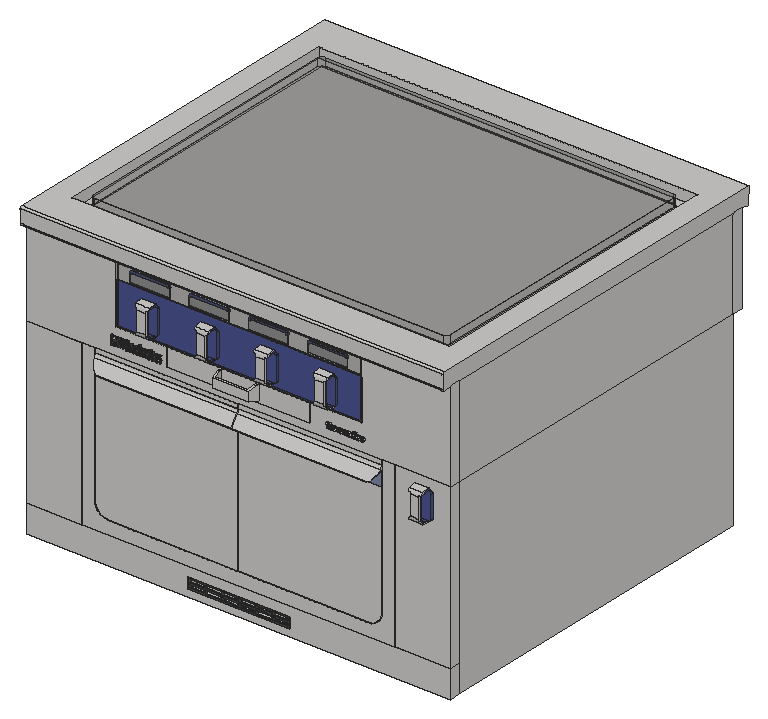
Revit family "QF_ELECTROLUXPROFESSIONAL_589698_MCLQEAJ4AO", category Attrezzature speciali, Revit 2020 (continued)
Definition of nested family "Front_Panel_W1000_Four Knobs"
  Definition of nested family "ELX_Professional_Logo_Small"
    Forms (mm)
      Extrusion 2, solid, material <- "Material_Logo"
        sketch origin (15.5, 0, 0) x (1, 0, 0) y (0, 1, 0)
          loop
            spline (-4.441, -1.243) -> (-4.659, -1.247) -> (-4.894, -1.23) -> (-5.137, -1.19) -> (-5.384, -1.121) -> (-5.628, -1.021) -> (-5.864, -0.884) -> (-6.084, -0.708) -> (-6.283, -0.488) -> (-6.454, -0.219) -> (-6.592, 0.101) -> (-6.69, 0.478) -> (-6.742, 0.914)
            line (-6.742, 0.914) -> (-6.742, 4.587) -> (-4.487, 4.587) -> (-4.487, 6.838) -> (-6.738, 6.838) -> (-6.738, 10.824) -> (-9.217, 10.824) -> (-9.217, 0.773)
            spline (-9.217, 0.773) -> (-9.164, 0.19) -> (-9.068, -0.358) -> (-8.928, -0.87) -> (-8.742, -1.343) -> (-8.511, -1.777) -> (-8.232, -2.168) -> (-7.904, -2.515) -> (-7.527, -2.816) -> (-7.098, -3.069) -> (-6.618, -3.273) -> (-6.084, -3.426) -> (-5.496, -3.525)
            line (-5.496, -3.525) -> (-4.45, -3.573) -> (-4.441, -1.243)
          loop
            spline (3.898, 6.983) -> (3.469, 7.009) -> (3.056, 7.001) -> (2.661, 6.961) -> (2.283, 6.888) -> (1.925, 6.785) -> (1.588, 6.652) -> (1.272, 6.49) -> (0.979, 6.301) -> (0.71, 6.085) -> (0.465, 5.844) -> (0.247, 5.578) -> (0.056, 5.289)
            line (0.056, 5.289) -> (0.056, 6.838) -> (-2.402, 6.838) -> (-2.402, -3.572) -> (0.056, -3.572) -> (0.056, 1.901)
            spline (0.056, 1.901) -> (0.079, 2.316) -> (0.145, 2.703) -> (0.254, 3.06) -> (0.404, 3.386) -> (0.592, 3.679) -> (0.818, 3.938) -> (1.08, 4.162) -> (1.375, 4.348) -> (1.703, 4.495) -> (2.062, 4.602) -> (2.45, 4.668) -> (2.865, 4.69)
            line (2.865, 4.69) -> (3.898, 4.586) -> (3.898, 6.983)
          loop
            spline (15.638, 1.633) -> (15.586, 2.396) -> (15.435, 3.124) -> (15.192, 3.81) -> (14.863, 4.449) -> (14.455, 5.034) -> (13.975, 5.56) -> (13.43, 6.021) -> (12.826, 6.411) -> (12.17, 6.724) -> (11.469, 6.955) -> (10.729, 7.098) -> (9.958, 7.147)
            spline (9.958, 7.147) -> (9.182, 7.098) -> (8.44, 6.955) -> (7.737, 6.724) -> (7.081, 6.411) -> (6.477, 6.021) -> (5.933, 5.56) -> (5.454, 5.034) -> (5.048, 4.449) -> (4.721, 3.81) -> (4.479, 3.124) -> (4.329, 2.396) -> (4.277, 1.633)
            spline (4.277, 1.633) -> (4.329, 0.869) -> (4.479, 0.141) -> (4.721, -0.544) -> (5.048, -1.183) -> (5.454, -1.768) -> (5.933, -2.294) -> (6.477, -2.755) -> (7.081, -3.145) -> (7.737, -3.459) -> (8.44, -3.69) -> (9.182, -3.833) -> (9.958, -3.882)
            spline (9.958, -3.882) -> (10.729, -3.833) -> (11.469, -3.69) -> (12.17, -3.459) -> (12.826, -3.145) -> (13.43, -2.755) -> (13.975, -2.294) -> (14.455, -1.768) -> (14.863, -1.183) -> (15.192, -0.544) -> (15.435, 0.141) -> (15.586, 0.869) -> (15.638, 1.633)
          loop
            spline (13.18, 1.633) -> (13.151, 2.083) -> (13.067, 2.513) -> (12.932, 2.918) -> (12.748, 3.296) -> (12.52, 3.642) -> (12.251, 3.954) -> (11.943, 4.227) -> (11.601, 4.459) -> (11.228, 4.645) -> (10.828, 4.782) -> (10.403, 4.867) -> (9.958, 4.896)
            spline (9.958, 4.896) -> (9.509, 4.867) -> (9.081, 4.782) -> (8.679, 4.645) -> (8.306, 4.459) -> (7.964, 4.227) -> (7.658, 3.954) -> (7.39, 3.642) -> (7.163, 3.296) -> (6.981, 2.918) -> (6.847, 2.513) -> (6.765, 2.083) -> (6.736, 1.633)
            spline (6.736, 1.633) -> (6.765, 1.182) -> (6.847, 0.753) -> (6.981, 0.347) -> (7.163, -0.031) -> (7.39, -0.377) -> (7.658, -0.689) -> (7.964, -0.962) -> (8.306, -1.193) -> (8.679, -1.38) -> (9.081, -1.517) -> (9.509, -1.602) -> (9.958, -1.631)
            spline (9.958, -1.631) -> (10.403, -1.602) -> (10.828, -1.517) -> (11.228, -1.38) -> (11.601, -1.193) -> (11.943, -0.962) -> (12.251, -0.689) -> (12.52, -0.377) -> (12.748, -0.031) -> (12.932, 0.347) -> (13.067, 0.753) -> (13.151, 1.182) -> (13.18, 1.633)
          loop
            line (17.162, 4.269) -> (17.162, -3.573) -> (19.642, -3.573) -> (19.642, 10.824) -> (17.162, 10.824) -> (17.162, 4.269)
          loop
            line (28.581, 6.838) -> (28.581, 0.786)
            spline (28.581, 0.786) -> (28.561, 0.393) -> (28.503, 0.038) -> (28.409, -0.279) -> (28.281, -0.559) -> (28.122, -0.802) -> (27.933, -1.011) -> (27.717, -1.185) -> (27.476, -1.325) -> (27.213, -1.433) -> (26.929, -1.509) -> (26.626, -1.554) -> (26.308, -1.569)
            spline (26.308, -1.569) -> (25.99, -1.554) -> (25.688, -1.509) -> (25.404, -1.434) -> (25.141, -1.326) -> (24.9, -1.187) -> (24.684, -1.014) -> (24.496, -0.807) -> (24.336, -0.565) -> (24.209, -0.288) -> (24.115, 0.026) -> (24.057, 0.376) -> (24.037, 0.765)
            line (24.037, 0.765) -> (24.037, 6.838) -> (21.537, 6.838) -> (21.537, 0.558)
            spline (21.537, 0.558) -> (21.581, -0.153) -> (21.71, -0.8) -> (21.916, -1.384) -> (22.195, -1.904) -> (22.54, -2.362) -> (22.944, -2.757) -> (23.403, -3.09) -> (23.909, -3.362) -> (24.456, -3.572) -> (25.04, -3.722) -> (25.652, -3.811) -> (26.288, -3.841)
            spline (26.288, -3.841) -> (26.929, -3.811) -> (27.547, -3.72) -> (28.135, -3.568) -> (28.687, -3.355) -> (29.197, -3.079) -> (29.66, -2.741) -> (30.068, -2.341) -> (30.415, -1.877) -> (30.696, -1.349) -> (30.905, -0.757) -> (31.034, -0.101) -> (31.079, 0.621)
            line (31.079, 0.621) -> (31.079, 6.838) -> (28.581, 6.838)
          loop
            line (40.457, -0.243) -> (38.894, 1.942) -> (40.83, 4.579) -> (42.488, 6.837) -> (39.782, 6.837) -> (37.53, 3.719) -> (35.258, 6.837) -> (32.573, 6.837) -> (34.113, 4.731) -> (36.167, 1.922) -> (34.014, -1.076) -> (32.222, -3.573) -> (34.887, -3.573) -> (37.53, 0.104) -> (40.174, -3.573) -> (42.839, -3.573) -> (40.457, -0.243)
          loop
            line (-46.121, -5.837) -> (-48.039, -5.837) -> (-48.039, -10.814) -> (-47.016, -10.814) -> (-47.016, -9.128) -> (-46.121, -9.128)
            arc (-46.121, -9.128) -> (-44.476, -7.482) -> (-46.121, -5.837) r 1.645
          loop
            line (-46.163, -6.778) -> (-47.016, -6.778) -> (-47.016, -8.187) -> (-46.163, -8.187)
            arc (-46.163, -8.187) -> (-45.458, -7.482) -> (-46.163, -6.778) r 0.704
          loop
            line (-38.313, -5.837) -> (-40.265, -5.837) -> (-40.265, -10.814) -> (-39.241, -10.814) -> (-39.241, -9.1) -> (-38.46, -9.182) -> (-37.48, -10.814) -> (-36.318, -10.814) -> (-37.513, -8.848)
            arc (-37.513, -8.848) -> (-36.888, -8.266) -> (-36.671, -7.441) r 1.536
            arc (-36.671, -7.441) -> (-37.165, -6.305) -> (-38.313, -5.837) r 1.643
          loop
            arc (-38.402, -8.166) -> (-37.707, -7.505) -> (-38.334, -6.778) r 0.696
            line (-38.334, -6.778) -> (-39.241, -6.778) -> (-39.241, -8.166) -> (-38.402, -8.166)
          loop
            circle (-29.965, -8.325) r 2.585
          loop
            circle (-29.965, -8.325) r 1.64
          loop
            line (-23.1, -5.837) -> (-23.1, -10.814) -> (-22.076, -10.814) -> (-22.076, -8.768) -> (-20.204, -8.768) -> (-20.204, -7.828) -> (-22.076, -7.828) -> (-22.076, -6.778) -> (-20.024, -6.778) -> (-20.024, -5.837) -> (-23.1, -5.837)
          loop
            line (-15.802, -5.837) -> (-15.802, -9.2)
            arc (-15.802, -9.2) -> (-15.343, -10.34) -> (-14.209, -10.814) r 1.593
            line (-14.209, -10.814) -> (-12.602, -10.814) -> (-12.602, -10.027) -> (-14.004, -10.027)
            arc (-14.004, -10.027) -> (-14.552, -9.8) -> (-14.779, -9.252) r 0.775
            line (-14.779, -9.252) -> (-14.779, -8.424) -> (-12.789, -8.424) -> (-12.789, -7.642) -> (-14.779, -7.642) -> (-14.779, -6.778) -> (-12.651, -6.778) -> (-12.651, -5.837) -> (-15.802, -5.837)
          loop
            line (-5.909, -7.143) -> (-5.173, -6.638)
            arc (-5.173, -6.638) -> (-5.855, -5.974) -> (-6.781, -5.755) r 1.782
            arc (-6.781, -5.755) -> (-7.397, -5.878) -> (-7.944, -6.189) r 1.974
            arc (-7.944, -6.189) -> (-8.202, -6.5) -> (-8.317, -6.888) r 1.013
            arc (-8.317, -6.888) -> (-8.306, -7.341) -> (-8.192, -7.78) r 1.985
            arc (-8.192, -7.78) -> (-7.749, -8.259) -> (-7.171, -8.563) r 1.928
            arc (-7.171, -8.563) -> (-6.637, -8.779) -> (-6.131, -9.056) r 5.041
            arc (-6.131, -9.056) -> (-5.934, -9.387) -> (-6.09, -9.74) r 0.42
            arc (-6.09, -9.74) -> (-6.631, -9.96) -> (-7.204, -9.845) r 1.016
            arc (-7.204, -9.845) -> (-7.625, -9.603) -> (-7.889, -9.196) r 1.033
            line (-7.889, -9.196) -> (-8.67, -9.686)
            arc (-8.67, -9.686) -> (-8.361, -10.198) -> (-7.908, -10.589) r 1.914
            arc (-7.908, -10.589) -> (-7.334, -10.834) -> (-6.714, -10.896) r 2.063
            arc (-6.714, -10.896) -> (-5.947, -10.743) -> (-5.256, -10.376) r 2.696
            arc (-5.256, -10.376) -> (-4.95, -9.565) -> (-5.108, -8.712) r 1.618
            arc (-5.108, -8.712) -> (-5.448, -8.319) -> (-5.884, -8.035) r 1.876
            arc (-5.884, -8.035) -> (-6.434, -7.789) -> (-6.999, -7.577) r 9.883
            arc (-6.999, -7.577) -> (-7.325, -7.07) -> (-6.854, -6.694) r 0.45
            arc (-6.854, -6.694) -> (-6.329, -6.809) -> (-5.909, -7.143) r 1.197
          loop
            line (1.61, -7.143) -> (2.345, -6.638)
            arc (2.345, -6.638) -> (1.663, -5.974) -> (0.737, -5.755) r 1.782
            arc (0.737, -5.755) -> (0.121, -5.878) -> (-0.425, -6.189) r 1.974
            arc (-0.425, -6.189) -> (-0.683, -6.5) -> (-0.799, -6.888) r 1.013
            arc (-0.799, -6.888) -> (-0.788, -7.341) -> (-0.674, -7.78) r 1.985
            arc (-0.674, -7.78) -> (-0.231, -8.259) -> (0.347, -8.563) r 1.928
            arc (0.347, -8.563) -> (0.881, -8.779) -> (1.387, -9.056) r 5.041
            arc (1.387, -9.056) -> (1.584, -9.387) -> (1.428, -9.74) r 0.42
            arc (1.428, -9.74) -> (0.887, -9.96) -> (0.314, -9.845) r 1.016
            arc (0.314, -9.845) -> (-0.107, -9.603) -> (-0.371, -9.196) r 1.033
            line (-0.371, -9.196) -> (-1.152, -9.686)
            arc (-1.152, -9.686) -> (-0.842, -10.198) -> (-0.39, -10.589) r 1.914
            arc (-0.39, -10.589) -> (0.184, -10.834) -> (0.804, -10.896) r 2.063
            arc (0.804, -10.896) -> (1.572, -10.743) -> (2.263, -10.376) r 2.696
            arc (2.263, -10.376) -> (2.568, -9.565) -> (2.411, -8.712) r 1.618
            arc (2.411, -8.712) -> (2.07, -8.319) -> (1.635, -8.035) r 1.876
            arc (1.635, -8.035) -> (1.084, -7.789) -> (0.519, -7.577) r 9.883
            arc (0.519, -7.577) -> (0.193, -7.07) -> (0.665, -6.694) r 0.45
            arc (0.665, -6.694) -> (1.189, -6.809) -> (1.61, -7.143) r 1.197
          loop
            line (6.801, -5.837) -> (6.801, -10.814) -> (7.825, -10.814) -> (7.825, -5.837) -> (6.801, -5.837)
          loop
            circle (14.724, -8.325) r 1.548
          loop
            circle (14.724, -8.325) r 2.585
          loop
            line (21.59, -10.814) -> (22.623, -10.814) -> (22.623, -7.685) -> (24.9, -10.814) -> (25.895, -10.814) -> (25.895, -5.837) -> (24.861, -5.837) -> (24.861, -9.061) -> (22.585, -5.837) -> (21.59, -5.837) -> (21.59, -10.814)
          loop
            line (31.054, -10.814) -> (31.539, -9.74) -> (33.38, -9.74) -> (33.865, -10.814) -> (34.965, -10.814) -> (32.46, -5.837) -> (29.956, -10.814) -> (31.054, -10.814)
          loop
            line (32.46, -7.698) -> (31.999, -8.719) -> (32.921, -8.719) -> (32.46, -7.698)
          loop
            line (40.047, -9.873) -> (40.047, -5.837) -> (39.024, -5.837) -> (39.024, -10.814) -> (41.961, -10.814) -> (41.961, -9.873) -> (40.047, -9.873)
          loop
            line (-74.986, -10.814) -> (-53.322, -10.814) -> (-53.322, 10.82) -> (-74.986, 10.82) -> (-74.986, -10.814)
          loop
            line (-61.261, 9.758) -> (-61.261, -9.707)
            arc (-61.261, -9.707) -> (-54.066, 0.025) -> (-61.261, 9.758) r 10.18
          loop
            line (-62.251, 8.349) -> (-62.251, 9.758)
            arc (-62.251, 9.758) -> (-70.347, 7.918) -> (-74.247, 0.59) r 9.976
            line (-74.247, 0.59) -> (-71.026, 0.59)
            arc (-71.026, 0.59) -> (-65.274, 2.925) -> (-62.251, 8.349) r 9.351
          loop
            arc (-74.247, -0.539) -> (-70.353, -7.928) -> (-62.251, -9.957) r 10.237
            line (-62.251, -9.957) -> (-62.251, -8.298)
            arc (-62.251, -8.298) -> (-65.274, -2.874) -> (-71.026, -0.539) r 9.351
            line (-71.026, -0.539) -> (-74.247, -0.539)
        from 0 to 1.644
    Dimensions and locks
      aligned and locked: plane 2 to Extrusion 1
      aligned and locked: level to Extrusion 1
Definition of nested family "H450H2W1000_2DOOR"
  Parameters
    Width [instance] = 680 mm
    Wdoor [instance] = Width / 2  # 340 mm
    Show Clearance [instance] = yes
    Model = "727995"
    Height = 450 mm
    Default Elevation = 0 mm
  Reference planes
    plane 1 "Center (Front/Back)": y = 0
    plane 2: z = 0
    plane 3 "Center (Left/Right)": x = 36.042
    plane 4 "panel": z = 25
    plane 5: x = -303.958
    plane 6: x = 376.042
    plane 7: y = 450
    plane 8: z = 340
    plane 9: z = 45
  Forms (mm)
    Extrusion 1, solid
      sketch origin (0, -919.2, 0) x (1, 0, 0) y (0, 1, 0)
        loop
          line (-980.5, 2119.2) -> (-980.5, -162.846) -> (881.94, -162.846) -> (881.94, 2119.2) -> (-980.5, 2119.2)
      from 0 to -59.546
    Extrusion 2, solid
      sketch origin (0, 0, 0) x (1, 0, 0) y (0, 1, 0)
        loop
          line (374.042, 393) -> (37.042, 393) -> (37.042, 97) -> (344.042, 97)
          arc (344.042, 97) -> (365.255, 105.787) -> (374.042, 127) r 30
          line (374.042, 127) -> (374.042, 393)
        loop
          arc (-301.958, 127) -> (-293.171, 105.787) -> (-271.958, 97) r 30
          line (-271.958, 97) -> (35.042, 97) -> (35.042, 393) -> (-301.958, 393) -> (-301.958, 127)
      from 0 to 25
    Extrusion 3, solid
      sketch origin (0, 0, 0) x (1, 0, 0) y (0, 1, 0)
        loop
          line (-301.958, 393) -> (35.042, 393) -> (35.042, 440) -> (-301.958, 440) -> (-301.958, 393)
        loop
          line (37.042, 440) -> (37.042, 393) -> (374.042, 393) -> (374.042, 440) -> (37.042, 440)
      from 0 to 25
    Extrusion 4, solid
      sketch origin (5.581, 79.805, 0) x (1, 0, 0) y (0, 1, 0)
        loop
          line (-307.539, 360.195) -> (29.461, 360.195) -> (29.461, 370.195) -> (-307.539, 370.195) -> (-307.539, 360.195)
        loop
          line (31.461, 370.195) -> (31.461, 360.195) -> (368.461, 360.195) -> (368.461, 370.195) -> (31.461, 370.195)
      from 0 to 25
    Extrusion 5, solid
      sketch origin (36.042, 0, 0) x (0, 1, 0) y (0, 0, 1)
        loop
          line (426.693, 25) -> (440.02, 25)
          arc (440.02, 25) -> (435.261, 25.775) -> (430.993, 28.02) r 15
          line (430.993, 28.02) -> (406.653, 46.362) -> (403.644, 42.369) -> (426.693, 25)
      from 1 to 338
    Extrusion 6, solid
      sketch origin (36.042, 0, 0) x (0, 1, 0) y (0, 0, 1)
        loop
          line (426.693, 25) -> (440.02, 25)
          arc (440.02, 25) -> (435.261, 25.775) -> (430.993, 28.02) r 15
          line (430.993, 28.02) -> (406.653, 46.362) -> (403.644, 42.369) -> (426.693, 25)
      from -338 to -1
    Extrusion 7, void
      sketch origin (0, 0, 0) x (1, 0, 0) y (0, 1, 0)
        loop
          arc (374.042, 426.693) -> (364.508, 412.772) -> (350.317, 403.644) r 42.603
          line (350.317, 403.644) -> (374.042, 403.644) -> (374.042, 426.693)
      from 0 to 47.9
    Extrusion 8, void
      sketch origin (72.084, 0, 0) x (-1, 0, 0) y (0, -1, 0)
        loop
          line (374.042, -426.693) -> (374.042, -403.644) -> (350.317, -403.644)
          arc (350.317, -403.644) -> (364.508, -412.772) -> (374.042, -426.693) r 42.603
      from 0 to 47.9
    Extrusion 9, solid, detail levels coarse
      sketch origin (0, 0, 0) x (1, 0, 0) y (0, 0, 1)
        loop
          arc (36.231, 25) -> (-56.085, 247.873) -> (-278.958, 340.189) r 315.189
          line (-278.958, 340.189) -> (-278.958, 25) -> (36.231, 25)
      from -450 to -97
    Extrusion 10, solid, detail levels coarse
      sketch origin (0, 0, 0) x (1, 0, 0) y (0, 0, 1)
        loop
          arc (351.042, 340) -> (128.303, 247.739) -> (36.042, 25) r 315
          line (36.042, 25) -> (351.042, 25) -> (351.042, 340)
      from -450 to -97
  Cuts and joins
    Extrusion 8 cuts Extrusion 6
    Extrusion 7 cuts Extrusion 5
  Lines and regions (mm)
    symbolic lines
      curve 1: line (376.042, 0, 45) -> (376.042, 0, 340)
      curve 2: line (351.042, 0, 45) -> (351.042, 0, 340)
      curve 3: line (376.042, 0, 340) -> (351.042, 0, 340)
      curve 4: line (-303.958, 0, 45) -> (-303.958, 0, 340)
      curve 5: line (-278.958, 0, 45) -> (-278.958, 0, 340)
      curve 6: line (-303.958, 0, 340) -> (-278.958, 0, 340)
      curve 7: arc (351.042, 0, 340) -> (135.522, 0, 254.731) -> (36.683, 0, 45.088) r 315
      curve 8: arc (35.407, 0, 44.997) -> (-63.405, 0, 254.7) -> (-278.958, 0, 340) r 315
  Dimensions and locks
    plane 4 "panel" to level = 25 mm
    "Width": plane 5 to plane 6
    equal spacing: plane 5, plane 3 "Center (Left/Right)", plane 6
    "Height": plane 1 "Center (Front/Back)" to plane 7
    locked: plane 5 to Extrusion 2 sketch curve at 2
    locked: Extrusion 2 sketch curve to plane 6 at 2
    locked: plane 1 "Center (Front/Back)" to Extrusion 2 sketch curve at 97
    locked: plane 7 to Extrusion 2 sketch curve at 57
    locked: Extrusion 2 sketch curve to plane 3 "Center (Left/Right)" at 1
    locked: plane 3 "Center (Left/Right)" to Extrusion 2 sketch curve at 1
    Extrusion 3 sketch curve to Extrusion 2 = 47 mm
    "Wdoor": plane 8 to level
    locked: curve 2 to curve 1 at 25
    locked: curve 5 to curve 4 at 25
    plane 4 "panel" to plane 9 = 20 mm
    aligned and locked: plane 2 to Extrusion 1
    aligned and locked: level to Extrusion 1
    aligned and locked: plane 4 "panel" to Extrusion 2
    aligned and locked: Extrusion 2 to Extrusion 3 sketch curve
    aligned and locked: Extrusion 3 sketch curve to Extrusion 2  (x2)
    aligned and locked: Extrusion 3 sketch curve to Extrusion 3 sketch curve
    aligned and locked: plane 4 "panel" to Extrusion 3
    aligned and locked: Extrusion 4 sketch curve to Extrusion 4 sketch curve
    aligned and locked: Extrusion 4 sketch curve to Extrusion 3  (x3)
    aligned and locked: Extrusion 3 to Extrusion 4 sketch curve
    aligned and locked: Extrusion 4 sketch curve to plane 7
    aligned and locked: Extrusion 3 to Extrusion 5
    aligned and locked: Extrusion 5 to Extrusion 3
    aligned and locked: Extrusion 6 to Extrusion 3
    aligned and locked: Extrusion 3 to Extrusion 6
    aligned and locked: Extrusion 7 sketch curve to Extrusion 5
    aligned and locked: Extrusion 8 to Extrusion 6
    aligned and locked: Extrusion 4 to Extrusion 8
    aligned and locked: Extrusion 2 to Extrusion 7
    aligned and locked: Extrusion 7 to Extrusion 5
    aligned and locked: Extrusion 4 to Extrusion 3  (x2)
    aligned and locked: Extrusion 3 to Extrusion 2
    aligned and locked: Extrusion 4 to Extrusion 2
    aligned and locked: curve 3 to plane 8
    aligned and locked: curve 1 to plane 6
    aligned and locked: curve 4 to plane 5
    aligned and locked: Extrusion 9 sketch curve to plane 4 "panel"
    aligned and locked: Extrusion 10 sketch curve to curve 7
    aligned and locked: Extrusion 10 sketch curve to curve 2
    aligned and locked: Extrusion 2 to Extrusion 9
    aligned and locked: Extrusion 2 to Extrusion 10
    aligned and locked: plane 7 to Extrusion 9
    aligned and locked: Extrusion 3 to Extrusion 4
  Automatic sketch dimensions
    Extrusion 1 sketch curve to Extrusion 1 sketch curve = 1862.44 mm
    Extrusion 1 sketch curve to Extrusion 1 sketch curve = 2282.046 mm
    Extrusion 2 sketch curve to Extrusion 2 sketch curve = 30 mm  (x2)
    Extrusion 2 sketch curve to plane 1 "Center (Front/Back)" = 97 mm
    Extrusion 2 sketch curve to Extrusion 2 sketch curve = 0 mm
    Extrusion 3 sketch curve to plane 3 "Center (Left/Right)" = 1 mm
    plane 5 to Extrusion 3 sketch curve = 2 mm
    Extrusion 3 sketch curve to Extrusion 3 sketch curve = 0 mm
    Extrusion 5 sketch curve to plane 4 "panel" = 0 mm
    plane 4 "panel" to Extrusion 5 sketch curve = 17.369 mm
    Extrusion 5 sketch curve to plane 7 = 46.356 mm
    plane 4 "panel" to Extrusion 5 sketch curve = 21.362 mm
    Extrusion 5 sketch curve to Extrusion 5 sketch curve = 3.009 mm
    plane 4 "panel" to Extrusion 5 sketch curve = 3.02 mm
    Extrusion 5 sketch curve to Extrusion 5 sketch curve = 9.027 mm
    Extrusion 6 sketch curve to plane 4 "panel" = 0 mm
    plane 4 "panel" to Extrusion 6 sketch curve = 17.369 mm
    Extrusion 6 sketch curve to plane 7 = 46.356 mm
    plane 4 "panel" to Extrusion 6 sketch curve = 21.362 mm
    Extrusion 6 sketch curve to Extrusion 6 sketch curve = 3.009 mm
    plane 4 "panel" to Extrusion 6 sketch curve = 3.02 mm
    Extrusion 6 sketch curve to Extrusion 6 sketch curve = 9.027 mm
    Extrusion 7 sketch curve to Extrusion 7 sketch curve = 23.725 mm
    Extrusion 7 sketch curve to plane 7 = 6.671 mm
    Extrusion 7 sketch curve to plane 6 = 41.221 mm
    Extrusion 7 sketch curve to plane 7 = 23.307 mm
    plane 7 to Extrusion 8 sketch curve = 6.671 mm
    Extrusion 8 sketch curve to plane 5 = 41.221 mm
    Extrusion 8 sketch curve to plane 5 = 25.725 mm
    Extrusion 8 sketch curve to plane 5 = 2 mm
    plane 7 to Extrusion 8 sketch curve = 23.307 mm
    Extrusion 4 sketch curve to Extrusion 4 sketch curve = 10 mm
    Extrusion 4 sketch curve to plane 7 = 10 mm
    curve 2 to plane 9 = 0 mm
    curve 5 to plane 9 = 0 mm
    curve 4 to plane 9 = 0 mm
    curve 1 to plane 9 = 0 mm
    curve 8 to plane 4 "panel" = 0 mm
    curve 5 to plane 8 = 0 mm
    curve 8 to plane 9 = 0.003 mm
    curve 7 to plane 4 "panel" = 0 mm
    plane 9 to curve 7 = 0.088 mm
    plane 5 to Extrusion 9 sketch curve = 25 mm
    plane 3 "Center (Left/Right)" to Extrusion 9 sketch curve = 0.189 mm
Definition of nested family "Warm"
  Reference planes
    plane 1 "Center (Front/Back)": y = 0
    plane 2: z = 0
    plane 3 "Center (Left/Right)": x = 0
  Lines and regions (mm)
    detail lines, in view "Ref. Level"
      curve 1: circle (-165.742, 180.331, 0) r 45 normal (0, 0, 1)
      curve 2: line (-165.742, 125.331, 0) -> (-165.742, 80.331, 0)
      curve 3: line (-165.742, 235.331, 0) -> (-165.742, 280.331, 0)
      curve 4: line (-105.742, 180.331, 0) -> (-65.742, 180.331, 0)
      curve 5: line (-220.742, 180.331, 0) -> (-265.742, 180.331, 0)
      curve 6: line (-126.851, 141.44, 0) -> (-95.031, 109.62, 0)
      curve 7: line (-204.632, 219.221, 0) -> (-236.452, 251.041, 0)
      curve 8: line (-126.851, 219.221, 0) -> (-95.031, 251.041, 0)
      curve 9: line (-204.632, 141.44, 0) -> (-236.452, 109.62, 0)
